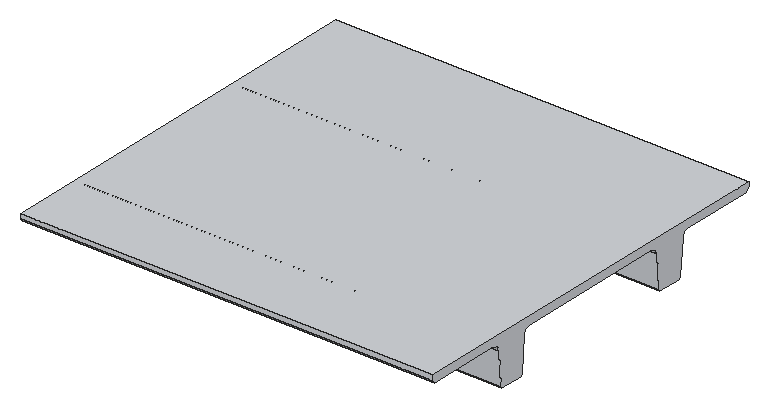
Revit family "TT 30_Precast-Rib deck_Spæncom", category Structural Framing, Revit 2014
Parameters
  Width TT plate [instance] = 2394 mm
  TT plate left (597mm) [instance] = 597 mm
  TT plate right (597mm) [instance] = 597 mm
  TT rib distance = 1200 mm  # constant formula
  Structural Material [instance] = none
  Plate thickness = 50 mm  # constant formula
  Model = "TT30"
  Manufacturer = "Spæncom"
  Length [instance] = 3000 mm
  Height TT = 300 mm  # constant formula
Reference planes
  plane 1 "Center (Front/Back)": y = 0
  plane 2 "Center Elevation": z = 0
  plane 3 "Center (Left/Right)": x = 0
  plane 4 "Left": x = -1500
  plane 5 "Member Left": x = -1250
  plane 6 "Stick Symbol Left": x = -1000
  plane 7 "Right": x = 1500
  plane 8 "Member Right": x = 1250
  plane 9 "Stick Symbol Right": x = 1000
  plane 10: y = 600
  plane 11: y = -600
  plane 12: through (0, 697.255, 213.19) normal (0, -0.9968, 0.0797)
  plane 13: through (0, 519.003, 9.968) normal (0, 0.9968, 0.0797)
  plane 14: through (0, -502.745, 213.19) normal (0, -0.9968, 0.0797)
  plane 15: through (0, -680.997, 9.968) normal (0, 0.9968, 0.0797)
Forms (mm)
  Extrusion 1, solid, material <- "Structural Material"
    sketch origin (0, 0, 0) x (0, 1, 0) y (0, 0, 1)
      loop
        line (1197, 300) -> (-1197, 300) -> (-1197, 270) -> (-1177, 250) -> (-737.128, 250)
        arc (-737.128, 250) -> (-709.995, 239.39) -> (-697.255, 213.19) r 40
        line (-697.255, 213.19) -> (-680.997, 9.968) -> (-670.2, 0) -> (-529.8, 0) -> (-519.003, 9.968) -> (-502.745, 213.19)
        arc (-502.745, 213.19) -> (-490.005, 239.39) -> (-462.872, 250) r 40
        line (-462.872, 250) -> (462.872, 250)
        arc (462.872, 250) -> (490.005, 239.39) -> (502.745, 213.19) r 40
        line (502.745, 213.19) -> (519.003, 9.968) -> (529.8, 0) -> (670.2, 0) -> (680.997, 9.968) -> (697.255, 213.19)
        arc (697.255, 213.19) -> (709.995, 239.39) -> (737.128, 250) r 40
        line (737.128, 250) -> (1177, 250) -> (1197, 270) -> (1197, 300)
    from -1250 to 1250
Dimensions and locks
  equal spacing: plane 4 "Left", plane 3 "Center (Left/Right)", plane 7 "Right"
  "Length": plane 4 "Left" to plane 7 "Right"
  "Height TT": Extrusion 1 to plane 2 "Center Elevation"
  "Plate thickness": Extrusion 1 to Extrusion 1
  "TT rib distance": plane 10 to plane 11
  "TT plate left (597mm)": Extrusion 1 sketch curve to plane 10
  "TT plate right (597mm)": plane 11 to Extrusion 1 sketch curve
  plane 12 to plane 13 = 160.4 mm
  plane 14 to plane 15 = 160.4 mm
  Extrusion 1 to plane 10 = 597 mm
  plane 11 to Extrusion 1 = 597 mm
  "Width TT plate": Extrusion 1 to Extrusion 1
  radius of Extrusion 1 = 40 mm  (x4)
  aligned and locked: level to plane 2 "Center Elevation"
  aligned and locked: Extrusion 1 to plane 5 "Member Left"
  aligned and locked: Extrusion 1 to plane 8 "Member Right"
Automatic sketch dimensions
  Extrusion 1 sketch curve to level = 0 mm  (x2)
  level to Extrusion 1 sketch curve = 250 mm  (x2)
  Extrusion 1 sketch curve to Extrusion 1 sketch curve = 20 mm  (x4)
  Extrusion 1 sketch curve to plane 11 = 137.128 mm
  Extrusion 1 sketch curve to Extrusion 1 sketch curve = 39.873 mm  (x4)
  level to Extrusion 1 sketch curve = 9.968 mm  (x4)
  Extrusion 1 sketch curve to plane 11 = 80.997 mm
  Extrusion 1 sketch curve to Extrusion 1 sketch curve = 10.797 mm  (x4)
  plane 11 to Extrusion 1 sketch curve = 70.2 mm
  plane 11 to Extrusion 1 sketch curve = 97.255 mm
  Extrusion 1 sketch curve to plane 10 = 137.128 mm
  Extrusion 1 sketch curve to plane 10 = 80.997 mm
  plane 10 to Extrusion 1 sketch curve = 70.2 mm
  plane 10 to Extrusion 1 sketch curve = 97.255 mm
  Extrusion 1 sketch curve to Extrusion 1 sketch curve = 40 mm  (x2)
  Extrusion 1 sketch curve to Extrusion 1 sketch curve = 200.032 mm  (x2)
  Extrusion 1 sketch curve to Extrusion 1 sketch curve = 3.19 mm
  Extrusion 1 sketch curve to Extrusion 1 sketch curve = 30 mm
